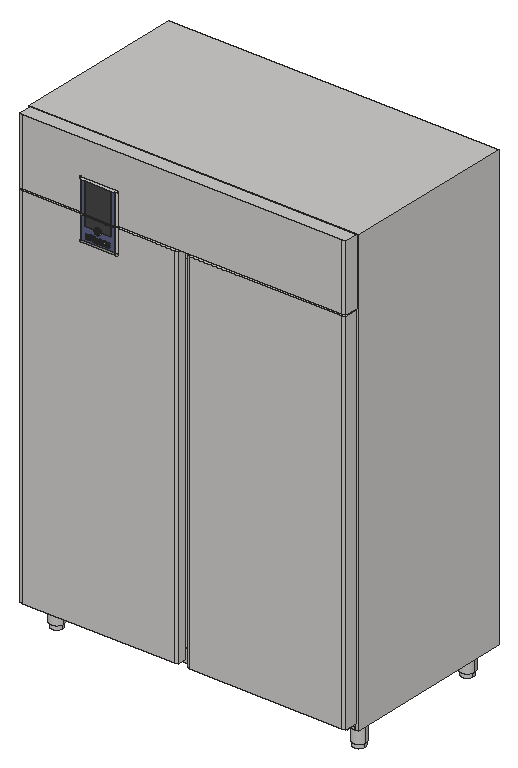
Revit family "QF_ELECTROLUXPROFESSIONAL_725242_ETE142FRRCO2", category Specialty Equipment, Revit 2018
Family settings
  Round Connector Dimension = Use Diameter
  Part Type = Normal
  Work Plane-Based = No
  Always vertical = Yes
  Cut with Voids When Loaded = No
  Shared = No
  Room Calculation Point = No
Parameters
  Width [instance] = 1441 mm
  Watts = 0 W
  Height [instance] = 2050 mm
  HP = "0.3 HP"
  Direct Waste Size = 0 mm
  Depth [instance] = 835 mm
Reference planes
  plane 1 "Center (Front/Back)": y = 0
  plane 2: z = 0
  plane 3 "Center (Left/Right)": x = 0
  plane 4 "BASE": z = 110
  plane 5 "TOP": z = 2050
  plane 6 "FRONT": y = -417.5
  plane 7 "BACK": y = 417.5
  plane 8 "LEFT": x = -720.5
  plane 9 "RIGHT": x = 720.5
  plane 10 "RO_Y": x = -245
  plane 11 "RO_X": y = -166.5
  plane 12 "RI_Y": x = -206
  plane 13 "RI_X": y = -187.5
  plane 14: z = 1802
Forms (mm)
  Extrusion 1, solid, material "QF_Finishes_Stainless Steel"
    sketch origin (0, 0, 0) x (1, 0, 0) y (0, 1, 0)
      loop
        circle (-643.5, 344.5) r 25
      loop
        circle (643.5, 344.5) r 25
      loop
        circle (-660.5, -269.5) r 25
      loop
        circle (660.5, -269.5) r 25
      loop
        circle (0, -121) r 25
    from 0 to 20
  Extrusion 2, solid, material "QF_Finishes_Stainless Steel"
    sketch origin (0, 0, 0) x (1, 0, 0) y (0, 1, 0)
      loop
        circle (-643.5, 344.5) r 30
      loop
        circle (643.5, 344.5) r 30
      loop
        circle (660.5, -269.5) r 30
      loop
        circle (-660.5, -269.5) r 30
      loop
        circle (0, -121) r 30
    from 20 to 110
  Extrusion 3, solid, material "QF_Finishes_Stainless Steel"
    sketch origin (0, 0, 110) x (-1, 0, 0) y (0, -1, 0)
      loop
        line (720.5, -417.5) -> (720.5, 345.5) -> (-720.5, 345.5) -> (-720.5, -417.5) -> (720.5, -417.5)
    from 0 to 1940
  Extrusion 4, solid
    sketch origin (0, 417.5, 1685) x (-1, 0, 0) y (0, 0, 1)
      loop
        circle (704.5, 124) r 10
    from 0 to 3.2
  Extrusion 5, solid, material "QF_Door-Drawer Clearances", detail levels coarse
    sketch origin (0, 0, 110) x (-1, 0, 0) y (0, -1, 0)
      loop
        line (-712.5, 409.5) -> (-648.5, 409.5) -> (-648.5, 1006.5) -> (-666.5, 1006.5) -> (-666.5, 1024.5) -> (-688.5, 1024.5) -> (-688.5, 1062.5) -> (-712.5, 1062.5) -> (-712.5, 409.5)
    from 1642.965 to 28
  Extrusion 6, solid, material "QF_Door-Drawer Clearances", detail levels coarse
    sketch origin (0, 0, 110) x (-1, 0, 0) y (0, -1, 0)
      loop
        line (-648.5, 409.5) -> (0, 409.5)
        arc (0, 409.5) -> (-211.9, 875.546) -> (-688.5, 1062.5) r 681.392
        line (-688.5, 1062.5) -> (-688.5, 1024.5) -> (-666.5, 1024.5) -> (-666.5, 1006.5) -> (-648.5, 1006.5) -> (-648.5, 409.5)
    from 1642.965 to 28
  Extrusion 7, solid, material "QF_Clearances", detail levels coarse
    sketch origin (0, 0, 110) x (-1, 0, 0) y (0, -1, 0)
      loop
        line (720.5, 417.5) -> (720.5, -417.5) -> (-720.5, -417.5) -> (-720.5, 417.5) -> (-740.5, 417.5) -> (-740.5, -447.5) -> (740.5, -447.5) -> (740.5, 417.5) -> (720.5, 417.5)
    from -110 to 1940
  Extrusion 8, solid, material "QF_Clearances", detail levels coarse
    sketch origin (0, 0, 2050) x (-1, 0, 0) y (0, -1, 0)
      loop
        line (740.5, -447.5) -> (740.5, 417.5) -> (-740.5, 417.5) -> (-740.5, -447.5) -> (740.5, -447.5)
    from 0 to 500
  Extrusion 9, void
    sketch origin (0, 417.5, 0) x (-1, 0, 0) y (0, 0, 1)
      loop
        line (645.5, 1724) -> (430, 1724) -> (430, 1695) -> (-430, 1695) -> (-430, 1724) -> (-645.5, 1724) -> (-645.5, 180) -> (-322.75, 170.906) -> (0, 180) -> (322.75, 170.906) -> (645.5, 180) -> (645.5, 1724)
    from -56 to -763
  Extrusion 10, solid, material "QF_Door-Drawer Clearances", detail levels coarse
    sketch origin (0, 0, 110) x (1, 0, 0) y (0, 1, 0)
      loop
        line (-712.5, -409.5) -> (-712.5, -1062.5) -> (-688.5, -1062.5) -> (-688.5, -1024.5) -> (-666.5, -1024.5) -> (-666.5, -1006.5) -> (-648.5, -1006.5) -> (-648.5, -409.5) -> (-712.5, -409.5)
    from 1642.965 to 28
  Extrusion 11, solid, material "QF_Door-Drawer Clearances", detail levels coarse
    sketch origin (0, 0, 110) x (1, 0, 0) y (0, 1, 0)
      loop
        line (-648.5, -409.5) -> (-648.5, -1006.5) -> (-666.5, -1006.5) -> (-666.5, -1024.5) -> (-688.5, -1024.5) -> (-688.5, -1062.5)
        arc (-688.5, -1062.5) -> (-211.9, -875.546) -> (0, -409.5) r 681.392
        line (0, -409.5) -> (-648.5, -409.5)
    from 1642.965 to 28
  Extrusion 12, solid, material "QF_Finishes_Stainless Steel"
    sketch origin (0, 417.5, 0) x (-1, 0, 0) y (0, 0, 1)
      loop
        line (40, 170.62) -> (40, 1695) -> (-40, 1695) -> (-40, 170.62) -> (0, 170) -> (40, 170.62)
    from -723 to -763
  Extrusion 13, solid, material "QF_Finishes_Stainless Steel"
    sketch origin (0, 0, 110) x (-1, 0, 0) y (0, -1, 0)
      loop
        circle (322.75, 254.5) r 7.938
      loop
        circle (-322.75, 254.5) r 7.938
    from 0 to -10
  Extrusion 14, solid, material "QF_Finishes_Stainless Steel"
    sketch origin (0, 0, 2050) x (-1, 0, 0) y (0, -1, 0)
      loop
        circle (245, 166.5) r 4.75
    from -29 to -137.696
  Extrusion 15, solid, material "QF_Finishes_Stainless Steel"
    sketch origin (0, 0, 0) x (0, 1, 0) y (0, 0, 1)
      loop
        circle (-187.5, 1855) r 3
    from -141.13 to -206
Cuts and joins
  joined: Extrusion 7, Extrusion 8
  Extrusion 9 cuts Extrusion 3
Lines and regions (mm)
  symbolic lines, style "SpecialityEquipmentHiddenLines"
    curve 1: line (712.5, -409.5, 110) -> (712.5, -1062.5, 110)
    curve 2: line (712.5, -1062.5, 110) -> (688.5, -1062.5, 110)
    curve 3: line (648.5, -409.5, 110) -> (648.5, -1006.5, 110)
    curve 4: line (688.5, -1062.5, 110) -> (688.5, -1024.5, 110)
    curve 5: line (688.5, -1024.5, 110) -> (666.5, -1024.5, 110)
    curve 6: line (666.5, -1024.5, 110) -> (666.5, -1006.5, 110)
    curve 7: line (666.5, -1006.5, 110) -> (648.5, -1006.5, 110)
    curve 13: arc (0, -409.5, 110) -> (211.9, -875.546, 110) -> (688.5, -1062.5, 110) r 681.392
    curve 14: line (-712.5, -1062.5, 110) -> (-688.5, -1062.5, 110)
    curve 15: line (-648.5, -409.5, 110) -> (-648.5, -1006.5, 110)
    curve 16: line (-688.5, -1062.5, 110) -> (-688.5, -1024.5, 110)
    curve 17: line (-688.5, -1024.5, 110) -> (-666.5, -1024.5, 110)
    curve 18: line (-666.5, -1024.5, 110) -> (-666.5, -1006.5, 110)
    curve 19: line (-666.5, -1006.5, 110) -> (-648.5, -1006.5, 110)
    curve 20: arc (0, -409.5, 110) -> (-211.9, -875.546, 110) -> (-688.5, -1062.5, 110) r 681.392
    curve 21: line (-712.5, -409.5, 110) -> (-712.5, -1062.5, 110)
  symbolic lines, style "QF_Clearances", detail levels coarse
    curve 8: line (-720.5, -417.5, 2050) -> (-740.5, -417.5, 2050)
    curve 9: line (-740.5, -417.5, 2050) -> (-740.5, 447.5, 2050)
    curve 10: line (-740.5, 447.5, 2050) -> (740.5, 447.5, 2050)
    curve 11: line (740.5, 447.5, 2050) -> (740.5, -417.5, 2050)
    curve 12: line (740.5, -417.5, 2050) -> (720.5, -417.5, 2050)
  symbolic lines
    curve 22: line (720.5, 417.5, 110) -> (-720.5, 417.5, 110)
    curve 23: line (720.5, -345.5, 110) -> (720.5, 417.5, 110)
    curve 24: line (-720.5, -345.5, 110) -> (720.5, -345.5, 110)
    curve 25: line (-720.5, 417.5, 110) -> (-720.5, -345.5, 110)
Dimensions and locks
  equal spacing: plane 7 "BACK", plane 1 "Center (Front/Back)", plane 6 "FRONT"
  equal spacing: plane 8 "LEFT", plane 3 "Center (Left/Right)", plane 9 "RIGHT"
  "Width": plane 8 "LEFT" to plane 9 "RIGHT"
  "Depth": plane 7 "BACK" to plane 6 "FRONT"
  "Height": plane 5 "TOP" to plane 2
  plane 8 "LEFT" to plane 10 "RO_Y" = 475.5 mm
  plane 7 "BACK" to plane 11 "RO_X" = 584 mm
  plane 7 "BACK" to plane 13 "RI_X" = 605 mm
  plane 5 "TOP" to plane 14 = 248 mm
  Extrusion 14 to plane 14 = 219 mm
  Extrusion 15 to plane 14 = 53 mm
  aligned and locked: level to plane 2
Automatic sketch dimensions
  curve 12 to plane 6 "FRONT" = 0 mm
  curve 12 to plane 9 "RIGHT" = 0 mm
  curve 8 to plane 6 "FRONT" = 0 mm
  curve 8 to plane 8 "LEFT" = 0 mm
  curve 10 to plane 9 "RIGHT" = 20 mm
  curve 8 to curve 9 = 20 mm
  plane 7 "BACK" to curve 10 = 30 mm
  Extrusion 1 sketch curve to plane 3 "Center (Left/Right)" = 0 mm
  plane 8 "LEFT" to Extrusion 1 sketch curve = 77 mm
  plane 8 "LEFT" to Extrusion 1 sketch curve = 60 mm
  plane 9 "RIGHT" to Extrusion 1 sketch curve = 77 mm
  plane 9 "RIGHT" to Extrusion 1 sketch curve = 60 mm
  plane 6 "FRONT" to Extrusion 1 sketch curve = 148 mm  (x2)
  plane 1 "Center (Front/Back)" to Extrusion 1 sketch curve = 121 mm
  Extrusion 1 sketch curve to plane 7 "BACK" = 73 mm  (x2)
  Extrusion 2 sketch curve to plane 3 "Center (Left/Right)" = 0 mm
  plane 8 "LEFT" to Extrusion 2 sketch curve = 77 mm
  plane 8 "LEFT" to Extrusion 2 sketch curve = 60 mm
  plane 9 "RIGHT" to Extrusion 2 sketch curve = 77 mm
  plane 9 "RIGHT" to Extrusion 2 sketch curve = 60 mm
  plane 6 "FRONT" to Extrusion 2 sketch curve = 148 mm  (x2)
  plane 1 "Center (Front/Back)" to Extrusion 2 sketch curve = 121 mm
  Extrusion 2 sketch curve to plane 7 "BACK" = 73 mm  (x2)
  Extrusion 3 sketch curve to plane 7 "BACK" = 0 mm
  Extrusion 3 sketch curve to plane 9 "RIGHT" = 0 mm
  Extrusion 3 sketch curve to plane 8 "LEFT" = 0 mm
  plane 6 "FRONT" to Extrusion 3 sketch curve = 72 mm
  plane 8 "LEFT" to Extrusion 4 sketch curve = 16 mm
  Extrusion 4 sketch curve to plane 5 "TOP" = 241 mm
  plane 9 "RIGHT" to Extrusion 5 sketch curve = 8 mm
  plane 9 "RIGHT" to Extrusion 5 sketch curve = 32 mm
  Extrusion 5 sketch curve to Extrusion 5 sketch curve = 22 mm
  plane 6 "FRONT" to Extrusion 5 sketch curve = 8 mm
  Extrusion 5 sketch curve to Extrusion 5 sketch curve = 64 mm
  Extrusion 5 sketch curve to plane 6 "FRONT" = 589 mm
  Extrusion 5 sketch curve to Extrusion 5 sketch curve = 18 mm
  Extrusion 5 sketch curve to Extrusion 5 sketch curve = 38 mm
  Extrusion 6 sketch curve to plane 3 "Center (Left/Right)" = 0 mm
  plane 9 "RIGHT" to Extrusion 6 sketch curve = 72 mm
  Extrusion 6 sketch curve to Extrusion 6 sketch curve = 18 mm  (x2)
  plane 9 "RIGHT" to Extrusion 6 sketch curve = 39.698 mm
  Extrusion 6 sketch curve to Extrusion 6 sketch curve = 22 mm
  plane 6 "FRONT" to Extrusion 6 sketch curve = 36.349 mm
  plane 6 "FRONT" to Extrusion 6 sketch curve = 8 mm
  Extrusion 6 sketch curve to Extrusion 6 sketch curve = 56 mm
  Extrusion 7 sketch curve to plane 6 "FRONT" = 0 mm  (x2)
  Extrusion 7 sketch curve to plane 7 "BACK" = 0 mm
  Extrusion 7 sketch curve to plane 9 "RIGHT" = 0 mm
  Extrusion 7 sketch curve to plane 8 "LEFT" = 0 mm
  Extrusion 7 sketch curve to plane 9 "RIGHT" = 20 mm
  Extrusion 7 sketch curve to Extrusion 7 sketch curve = 20 mm
  plane 7 "BACK" to Extrusion 7 sketch curve = 30 mm
  Extrusion 8 sketch curve to plane 6 "FRONT" = 0 mm
  Extrusion 8 sketch curve to plane 9 "RIGHT" = 20 mm
  Extrusion 8 sketch curve to plane 8 "LEFT" = 20 mm
  plane 7 "BACK" to Extrusion 8 sketch curve = 30 mm
  Extrusion 10 sketch curve to plane 8 "LEFT" = 8 mm
  Extrusion 10 sketch curve to plane 8 "LEFT" = 32 mm
  Extrusion 10 sketch curve to Extrusion 10 sketch curve = 22 mm
  Extrusion 10 sketch curve to plane 6 "FRONT" = 8 mm
  Extrusion 10 sketch curve to Extrusion 10 sketch curve = 64 mm
  plane 6 "FRONT" to Extrusion 10 sketch curve = 589 mm
  Extrusion 10 sketch curve to Extrusion 10 sketch curve = 18 mm
  Extrusion 10 sketch curve to Extrusion 10 sketch curve = 38 mm
  Extrusion 11 sketch curve to plane 3 "Center (Left/Right)" = 0 mm
  Extrusion 11 sketch curve to plane 8 "LEFT" = 72 mm
  Extrusion 11 sketch curve to Extrusion 11 sketch curve = 18 mm  (x2)
  Extrusion 11 sketch curve to plane 8 "LEFT" = 39.698 mm
  Extrusion 11 sketch curve to Extrusion 11 sketch curve = 22 mm
  Extrusion 11 sketch curve to plane 6 "FRONT" = 36.349 mm
  Extrusion 11 sketch curve to plane 6 "FRONT" = 8 mm
  Extrusion 11 sketch curve to Extrusion 11 sketch curve = 56 mm
  Extrusion 12 sketch curve to plane 3 "Center (Left/Right)" = 0 mm
  plane 3 "Center (Left/Right)" to Extrusion 12 sketch curve = 40 mm
  Extrusion 12 sketch curve to plane 3 "Center (Left/Right)" = 40 mm
  plane 4 "BASE" to Extrusion 12 sketch curve = 60 mm
  Extrusion 12 sketch curve to Extrusion 12 sketch curve = 0.62 mm  (x2)
  Extrusion 12 sketch curve to Extrusion 12 sketch curve = 1524.38 mm
  Extrusion 9 sketch curve to plane 3 "Center (Left/Right)" = 0 mm
  plane 4 "BASE" to Extrusion 9 sketch curve = 60.906 mm  (x2)
  plane 3 "Center (Left/Right)" to Extrusion 9 sketch curve = 322.75 mm
  plane 9 "RIGHT" to Extrusion 9 sketch curve = 290.5 mm
  plane 9 "RIGHT" to Extrusion 9 sketch curve = 75 mm
  Extrusion 9 sketch curve to plane 3 "Center (Left/Right)" = 322.75 mm
  plane 8 "LEFT" to Extrusion 9 sketch curve = 290.5 mm
  plane 8 "LEFT" to Extrusion 9 sketch curve = 75 mm
  plane 4 "BASE" to Extrusion 9 sketch curve = 70 mm  (x3)
  Extrusion 9 sketch curve to plane 5 "TOP" = 355 mm
  Extrusion 9 sketch curve to Extrusion 9 sketch curve = 29 mm  (x2)
  plane 3 "Center (Left/Right)" to Extrusion 13 sketch curve = 322.75 mm
  Extrusion 13 sketch curve to plane 3 "Center (Left/Right)" = 322.75 mm
  plane 6 "FRONT" to Extrusion 13 sketch curve = 163 mm  (x2)
  Extrusion 14 sketch curve to plane 10 "RO_Y" = 0 mm
  Extrusion 14 sketch curve to plane 11 "RO_X" = 0 mm
  Extrusion 15 sketch curve to plane 13 "RI_X" = 0 mm
  plane 14 to Extrusion 15 sketch curve = 53 mm
  curve 24 to plane 9 "RIGHT" = 0 mm
  curve 13 to plane 3 "Center (Left/Right)" = 0 mm
  curve 24 to plane 8 "LEFT" = 0 mm
  curve 25 to plane 7 "BACK" = 0 mm
  plane 9 "RIGHT" to curve 1 = 8 mm
  plane 9 "RIGHT" to curve 4 = 32 mm
  plane 9 "RIGHT" to curve 13 = 39.698 mm
  curve 4 to curve 6 = 22 mm
  curve 6 to curve 7 = 18 mm
  plane 8 "LEFT" to curve 15 = 72 mm
  curve 15 to curve 18 = 18 mm
  plane 8 "LEFT" to curve 20 = 39.698 mm
  plane 8 "LEFT" to curve 14 = 32 mm
  plane 8 "LEFT" to curve 21 = 8 mm
  plane 6 "FRONT" to curve 24 = 72 mm
  plane 6 "FRONT" to curve 20 = 36.349 mm
  plane 6 "FRONT" to curve 13 = 36.349 mm
  curve 6 to plane 6 "FRONT" = 589 mm
  curve 19 to plane 6 "FRONT" = 589 mm
  curve 18 to curve 17 = 18 mm
  curve 6 to curve 4 = 18 mm
  curve 16 to curve 21 = 38 mm
  plane 6 "FRONT" to curve 1 = 8 mm
  plane 6 "FRONT" to curve 15 = 8 mm
  plane 6 "FRONT" to curve 21 = 8 mm
  plane 6 "FRONT" to curve 3 = 8 mm
  radius of Extrusion 1 sketch curve = 25 mm  (x5)
  radius of Extrusion 2 sketch curve = 30 mm  (x5)
  radius of Extrusion 4 sketch curve = 10 mm
  radius of Extrusion 13 sketch curve = 7.938 mm  (x2)
  radius of Extrusion 14 sketch curve = 4.75 mm
  radius of Extrusion 15 sketch curve = 3 mm
Nested families
  nested 1: "QF_725242_Door" at (0, -345.5, 968.365) x (1, 0, 0) z (0, -1, 0), type "QF_725242_Door"
    with Show Clearance yes
  nested 2: "Freezer" at (720.5, -417.5, 110), type "Freezer"
Connectors
  electrical at (-704.5, 420.7, 1809)
    settings: on Extrusion 4, index 2, voltage 0 V, apparent load 0 VA, apparent load phase1 0 VA, apparent load phase2 0 VA, apparent load phase3 0 VA, power factor 1, load classification "Other", number of poles 1, system type 30, power factor state 1, is connector primary yes, connector utility no, sub classification motor no, connector description "Electrical Connection"
  piping at (322.75, -254.5, 100), diameter 15.875
    settings: on Extrusion 13, index 3, connector inside diameter 609.6 mm, connector length 0 mm, flow factor 0, pipe flow 0.0 L/s, pressure drop 0.0 Pa, fitting loss kfactor 0, connector angle 0.00°, fixture units 0, engagement length 0 mm, angle of deflection 0.00°, flow configuration 1, flow direction 2, fitting loss method 0, system type 16, joint type 0, gender type 0, connector reference index -1, connector utility 0, adjustable connector no, is connector primary yes, connector description "Drain"
  piping at (-322.75, -254.5, 100), diameter 15.875
    settings: on Extrusion 13, index 4, connector inside diameter 609.6 mm, connector length 0 mm, flow factor 0, pipe flow 0.0 L/s, pressure drop 0.0 Pa, fitting loss kfactor 0, connector angle 0.00°, fixture units 0, engagement length 0 mm, angle of deflection 0.00°, flow configuration 1, flow direction 2, fitting loss method 0, system type 16, joint type 0, gender type 0, connector reference index -1, connector utility 0, adjustable connector no, is connector primary no, connector description "Drain"
  piping at (-245, -166.5, 2021), diameter 9.5
    settings: on Extrusion 14, index 5, connector inside diameter 609.6 mm, connector length 0 mm, flow factor 0, pipe flow 0.0 L/s, pressure drop 0.0 Pa, fitting loss kfactor 0, connector angle 0.00°, fixture units 0, engagement length 0 mm, angle of deflection 0.00°, flow configuration 1, flow direction 2, fitting loss method 0, system type 8, joint type 0, gender type 0, connector reference index -1, connector utility 0, adjustable connector no, is connector primary no, connector description "Refrigerant Outlet"
  piping at (-206, -187.5, 1855), diameter 6
    settings: on Extrusion 15, index 6, connector inside diameter 609.6 mm, connector length 0 mm, flow factor 0, pipe flow 0.0 L/s, pressure drop 0.0 Pa, fitting loss kfactor 0, connector angle 0.00°, fixture units 0, engagement length 0 mm, angle of deflection 0.00°, flow configuration 1, flow direction 1, fitting loss method 0, system type 7, joint type 0, gender type 0, connector reference index -1, connector utility 0, adjustable connector no, is connector primary no, connector description "Refrigerant Inlet"
Definition of nested family "QF_725242_Door"
  Parameters
    Show Clearance [instance] = yes
    Model = "725238"
    Default Elevation = 0 mm
  Reference planes
    plane 1 "Center (Front/Back)": y = 0
    plane 2: z = 0
    plane 3 "Center (Left/Right)": x = 0
    plane 4 "panel": z = 64
  Forms (mm)
    Extrusion 1, solid
      sketch origin (0, -919.2, 0) x (1, 0, 0) y (0, 1, 0)
        loop
          line (-980.5, 2119.2) -> (-980.5, -162.846) -> (881.94, -162.846) -> (881.94, 2119.2) -> (-980.5, 2119.2)
      from 0 to -59.546
    Extrusion 2, solid
      sketch origin (365.5, 0, 0) x (1, 0, 0) y (0, 0, 1)
        loop
          line (-347, 26) -> (-325, 26) -> (-325, 8) -> (-307, 8) -> (-307, 0) -> (339, 0) -> (339, 8) -> (347, 8) -> (347, 60) -> (332, 64) -> (-332, 64) -> (-347, 60) -> (-347, 26)
      from -784.6 to 830.4
    Extrusion 3, solid
      sketch origin (484.5, -516.365, 0) x (0, 1, 0) y (0, 0, 1)
        loop
          line (-323.003, 40.312) -> (-316.501, 40.312) -> (-316.501, 42.812) -> (-325.503, 42.812) -> (-325.503, 2.5) -> (-342, 2.5) -> (-342, 0) -> (-323.003, 0) -> (-323.003, 12.259) -> (-323.003, 40.312)
        loop
          line (-314, 38.311) -> (-316.501, 38.311) -> (-316.501, 14.304) -> (-319.752, 14.304) -> (-319.752, 11.804) -> (-314, 11.804) -> (-314, 38.311)
      from 185 to 220
    Extrusion 4, solid
      sketch origin (484.5, 469.597, 0) x (0, 1, 0) y (0, 0, 1)
        loop
          line (315.003, 27.948) -> (315.003, 2.948) -> (315.003, 0) -> (322.003, 0) -> (322.003, 2.5) -> (317.503, 2.5) -> (317.503, 27.948) -> (315.003, 27.948)
      from 185 to 220
    Extrusion 5, solid
      sketch origin (-365.5, 0, 0) x (-1, 0, 0) y (0, 0, -1)
        loop
          line (-1078, -60) -> (-1063, -64) -> (332, -64) -> (347, -60) -> (347, 0) -> (-1078, 0) -> (-1078, -60)
      from -1081.6 to -791.6
    Extrusion 6, solid
      sketch origin (-365.5, 0, 0) x (-1, 0, 0) y (0, 0, -1)
        loop
          line (-347, -26) -> (-347, -60) -> (-332, -64) -> (332, -64) -> (347, -60) -> (347, -8) -> (339, -8) -> (339, 0) -> (-307, 0) -> (-307, -8) -> (-325, -8) -> (-325, -26) -> (-347, -26)
      from -784.6 to 830.4
    Extrusion 7, solid
      sketch origin (-484.5, -516.365, 0) x (0, 1, 0) y (0, 0, -1)
        loop
          line (-323.003, -40.312) -> (-323.003, -12.259) -> (-323.003, 0) -> (-342, 0) -> (-342, -2.5) -> (-325.503, -2.5) -> (-325.503, -42.812) -> (-316.501, -42.812) -> (-316.501, -40.312) -> (-323.003, -40.312)
        loop
          line (-314, -38.311) -> (-314, -11.804) -> (-319.752, -11.804) -> (-319.752, -14.304) -> (-316.501, -14.304) -> (-316.501, -38.311) -> (-314, -38.311)
      from 185 to 220
    Extrusion 8, solid
      sketch origin (-484.5, 469.597, 0) x (0, 1, 0) y (0, 0, -1)
        loop
          line (315.003, -27.948) -> (317.503, -27.948) -> (317.503, -2.5) -> (322.003, -2.5) -> (322.003, 0) -> (315.003, 0) -> (315.003, -2.948) -> (315.003, -27.948)
      from 185 to 220
  Lines and regions (mm)
    symbolic lines
      curve 1: line (-697.5, 0, 64) -> (697.5, 0, 64)
      curve 2: line (712.5, 0, 0) -> (-712.5, 0, 0)
      curve 3: line (712.5, 0, 60) -> (712.5, 0, 0)
      curve 4: line (704.5, 0, 8) -> (712.5, 0, 8)
      curve 5: line (704.5, 0, 8) -> (704.5, 0, 0)
      curve 6: line (-376.111, 0, 72) -> (-356.111, 0, 72)
      curve 7: line (-376.111, 0, 66) -> (-376.111, 0, 72)
      curve 8: line (-356.111, 0, 72) -> (-356.111, 0, 66)
      curve 9: line (-380.111, 0, 66) -> (-352.111, 0, 66)
      curve 10: line (-380.111, 0, 64) -> (-380.111, 0, 66)
      curve 11: line (-352.111, 0, 66) -> (-352.111, 0, 64)
      curve 12: line (-712.5, 0, 60) -> (-712.5, 0, 0)
      curve 13: line (-704.5, 0, 8) -> (-712.5, 0, 8)
      curve 14: line (-704.5, 0, 8) -> (-704.5, 0, 0)
      curve 15: line (-712.5, 0, 60) -> (-697.5, 0, 64)
      curve 16: line (712.5, 0, 60) -> (697.5, 0, 64)
  Dimensions and locks
    aligned and locked: plane 2 to Extrusion 1
    aligned and locked: level to Extrusion 1
  Nested families
    nested 1: "QF_DisplayPremiumCabinets" at (-365.5, 803.6, 64), type "QF_DisplayPremiumCabinets"
      with Show Clearance yes
  Definition of nested family "QF_DisplayPremiumCabinets"
    Parameters
      Show Clearance [instance] = yes
      Model = "728658"
      Default Elevation = 1219.2 mm
    Reference planes
      plane 1 "Center (Front/Back)": y = 0
      plane 2: z = 0
      plane 3 "Center (Left/Right)": x = 0
    Forms (mm)
      Extrusion 1, solid
        sketch origin (0, -919.2, 0) x (1, 0, 0) y (0, 1, 0)
          loop
            line (-980.5, 2119.2) -> (-980.5, -162.846) -> (881.94, -162.846) -> (881.94, 2119.2) -> (-980.5, 2119.2)
        from 0 to -59.546
      Extrusion 2, solid
        sketch origin (-0.611, 0, 0) x (1, 0, 0) y (0, 1, 0)
          loop
            circle (0.611, -59) r 14
        from 5 to 7
      Extrusion 3, solid
        sketch origin (364.889, -803.635, 0) x (1, 0, 0) y (0, 1, 0)
          loop
            circle (-364.889, 744.635) r 10
          loop
            circle (-364.889, 744.635) r 9
        from 5 to 8
      Extrusion 4, solid
        sketch origin (364.889, -803.635, 0) x (1, 0, 0) y (0, 1, 0)
          loop
            circle (-364.889, 744.635) r 8.7
        from 5 to 8
      Extrusion 5, void
        sketch origin (-744.647, -424.488, 0) x (0, -1, 0) y (1, 0, 0)
          loop
            line (-372.339, 745.885) -> (-372.339, 743.385) -> (-362.339, 743.385) -> (-362.339, 745.885) -> (-372.339, 745.885)
        from 8.592 to 6.269
      Extrusion 6, solid
        sketch origin (365.5, -803.635, 0) x (1, 0, 0) y (0, 1, 0)
          loop
            line (-380.472, 718.596) -> (-387.909, 718.596) -> (-387.909, 709.937)
            arc (-387.909, 709.937) -> (-386.93, 707.574) -> (-384.567, 706.595) r 3.341
            line (-384.567, 706.595) -> (-380.329, 706.595) -> (-380.329, 708.538) -> (-384.084, 708.538)
            arc (-384.084, 708.538) -> (-385.317, 708.955) -> (-385.843, 710.147) r 1.615
            line (-385.843, 710.147) -> (-385.843, 711.864) -> (-380.794, 711.864) -> (-380.794, 713.813) -> (-385.843, 713.813) -> (-385.843, 716.652) -> (-380.472, 716.652) -> (-380.472, 718.596)
          loop
            line (-378.861, 718.596) -> (-378.861, 706.595) -> (-376.794, 706.595) -> (-376.794, 718.596) -> (-378.861, 718.596)
          loop
            line (-333.968, 718.596) -> (-333.968, 706.595) -> (-331.9, 706.595) -> (-331.9, 718.596) -> (-333.968, 718.596)
          loop
            line (-373.376, 710.427) -> (-366.593, 710.427)
            arc (-366.593, 710.427) -> (-367.654, 714.154) -> (-371.282, 715.512) r 4.298
            arc (-371.282, 715.512) -> (-374.477, 713.892) -> (-375.389, 710.427) r 4.373
            arc (-375.389, 710.427) -> (-374.189, 707.53) -> (-371.292, 706.33) r 4.097
            arc (-371.292, 706.33) -> (-369.037, 706.663) -> (-367.147, 707.936) r 5.15
            line (-367.147, 707.936) -> (-368.371, 709.16)
            arc (-368.371, 709.16) -> (-369.978, 708.196) -> (-371.846, 708.358) r 3.039
            arc (-371.846, 708.358) -> (-372.985, 709.116) -> (-373.376, 710.427) r 2.013
          loop
            line (-373.324, 711.881) -> (-368.669, 711.881)
            arc (-368.669, 711.881) -> (-369.323, 713.255) -> (-370.758, 713.761) r 1.983
            arc (-370.758, 713.761) -> (-372.414, 713.33) -> (-373.324, 711.881) r 2.321
          loop
            line (-358.536, 712.746) -> (-357.238, 714.044)
            arc (-357.238, 714.044) -> (-358.865, 715.222) -> (-360.843, 715.574) r 4.497
            arc (-360.843, 715.574) -> (-363.86, 714.472) -> (-365.443, 711.677) r 4.652
            arc (-365.443, 711.677) -> (-362.774, 706.778) -> (-357.311, 707.907) r 4.684
            line (-357.311, 707.907) -> (-358.602, 709.198)
            arc (-358.602, 709.198) -> (-361.388, 708.276) -> (-363.383, 710.427) r 2.714
            arc (-363.383, 710.427) -> (-363.244, 712.128) -> (-362.073, 713.37) r 2.578
            arc (-362.073, 713.37) -> (-360.199, 713.656) -> (-358.536, 712.746) r 2.961
          loop
            line (-355.968, 718.596) -> (-355.968, 710.395)
            arc (-355.968, 710.395) -> (-355.789, 709.165) -> (-355.329, 708.01) r 5.301
            arc (-355.329, 708.01) -> (-353.854, 706.837) -> (-351.985, 706.59) r 3.531
            line (-351.985, 706.59) -> (-351.985, 708.527)
            arc (-351.985, 708.527) -> (-352.541, 708.569) -> (-353.059, 708.774) r 1.862
            arc (-353.059, 708.774) -> (-353.723, 709.477) -> (-353.901, 710.427) r 1.713
            line (-353.901, 710.427) -> (-353.901, 713.397) -> (-352.024, 713.397) -> (-352.024, 715.275) -> (-353.901, 715.275) -> (-353.901, 718.596) -> (-355.968, 718.596)
          loop
            arc (-348.234, 711.158) -> (-348.087, 712.023) -> (-347.66, 712.79) r 2.607
            arc (-347.66, 712.79) -> (-346.422, 713.426) -> (-345.031, 713.397) r 2.84
            line (-345.031, 713.397) -> (-345.031, 715.383)
            arc (-345.031, 715.383) -> (-346.848, 715.212) -> (-348.234, 714.023) r 3.016
            line (-348.234, 714.023) -> (-348.234, 715.275) -> (-350.285, 715.275) -> (-350.285, 706.595) -> (-348.234, 706.595) -> (-348.234, 711.158)
          loop
            circle (-339.976, 710.933) r 4.599
          loop
            circle (-339.976, 710.933) r 2.787
          loop
            arc (-324.445, 710.21) -> (-324.956, 708.807) -> (-326.34, 708.247) r 1.835
            arc (-326.34, 708.247) -> (-327.725, 708.807) -> (-328.235, 710.21) r 1.835
            line (-328.235, 710.21) -> (-328.235, 715.274) -> (-330.32, 715.274) -> (-330.32, 710.038)
            arc (-330.32, 710.038) -> (-329.133, 707.334) -> (-326.34, 706.376) r 3.675
            arc (-326.34, 706.376) -> (-323.516, 707.363) -> (-322.362, 710.123) r 3.675
            line (-322.362, 710.123) -> (-322.362, 715.274) -> (-324.445, 715.274) -> (-324.445, 710.21)
          loop
            line (-321.112, 715.274) -> (-318.111, 711.199) -> (-321.409, 706.592) -> (-319.186, 706.592) -> (-316.998, 709.65) -> (-314.777, 706.592) -> (-312.569, 706.592) -> (-315.82, 711.246) -> (-312.847, 715.274) -> (-315.103, 715.274) -> (-317.005, 712.698) -> (-318.877, 715.274) -> (-321.112, 715.274)
          loop
            line (-386.746, 701.621) -> (-388.394, 701.621) -> (-388.394, 697.47) -> (-387.492, 697.47) -> (-387.492, 698.9) -> (-386.495, 698.9)
            arc (-386.495, 698.9) -> (-385.38, 700.375) -> (-386.746, 701.621) r 1.372
          loop
            arc (-386.535, 699.715) -> (-386.193, 700.249) -> (-386.535, 700.782) r 0.587
            line (-386.535, 700.782) -> (-387.492, 700.782) -> (-387.492, 699.715) -> (-386.535, 699.715)
          loop
            line (-380.234, 701.621) -> (-381.911, 701.621) -> (-381.911, 697.47) -> (-381.009, 697.47) -> (-381.009, 698.9) -> (-380.136, 698.9) -> (-379.539, 697.47) -> (-378.571, 697.47) -> (-379.387, 699.22)
            arc (-379.387, 699.22) -> (-378.996, 699.688) -> (-378.865, 700.283) r 1.281
            arc (-378.865, 700.283) -> (-379.277, 701.231) -> (-380.234, 701.621) r 1.37
          loop
            line (-381.009, 700.782) -> (-381.009, 699.715) -> (-380.051, 699.715)
            arc (-380.051, 699.715) -> (-379.71, 700.249) -> (-380.051, 700.782) r 0.587
            line (-380.051, 700.782) -> (-381.009, 700.782)
          loop
            circle (-373.272, 699.545) r 2.156
          loop
            circle (-373.272, 699.545) r 1.368
          loop
            line (-367.574, 701.62) -> (-367.574, 697.47) -> (-366.694, 697.47) -> (-366.694, 698.921) -> (-365.132, 698.921) -> (-365.132, 699.851) -> (-366.694, 699.851) -> (-366.694, 700.726) -> (-364.982, 700.726) -> (-364.982, 701.62) -> (-367.574, 701.62)
          loop
            line (-361.482, 701.62) -> (-361.482, 698.818)
            arc (-361.482, 698.818) -> (-361.1, 697.869) -> (-360.155, 697.474) r 1.327
            line (-360.155, 697.474) -> (-358.815, 697.474) -> (-358.815, 698.258) -> (-360.075, 698.258)
            arc (-360.075, 698.258) -> (-360.538, 698.641) -> (-360.629, 699.236) r 0.845
            line (-360.629, 699.236) -> (-358.971, 699.236) -> (-358.971, 700.02) -> (-360.629, 700.02) -> (-360.629, 700.837) -> (-358.856, 700.837) -> (-358.856, 701.62) -> (-361.482, 701.62)
          loop
            arc (-346.454, 701.095) -> (-347.003, 701.546) -> (-347.7, 701.689) r 1.485
            arc (-347.7, 701.689) -> (-348.343, 701.532) -> (-348.871, 701.133) r 1.645
            arc (-348.871, 701.133) -> (-348.969, 700.191) -> (-348.361, 699.464) r 1.217
            arc (-348.361, 699.464) -> (-347.85, 699.293) -> (-347.365, 699.059) r 4.201
            arc (-347.365, 699.059) -> (-347.058, 698.698) -> (-347.27, 698.274) r 0.43
            arc (-347.27, 698.274) -> (-347.662, 698.182) -> (-348.052, 698.281) r 0.846
            arc (-348.052, 698.281) -> (-348.389, 698.524) -> (-348.596, 698.885) r 0.983
            line (-348.596, 698.885) -> (-349.322, 698.546)
            arc (-349.322, 698.546) -> (-349.06, 698.042) -> (-348.639, 697.661) r 1.595
            arc (-348.639, 697.661) -> (-348.161, 697.457) -> (-347.644, 697.405) r 1.719
            arc (-347.644, 697.405) -> (-347.004, 697.532) -> (-346.428, 697.838) r 2.246
            arc (-346.428, 697.838) -> (-346.174, 698.515) -> (-346.305, 699.225) r 1.349
            arc (-346.305, 699.225) -> (-346.589, 699.553) -> (-346.952, 699.79) r 1.564
            arc (-346.952, 699.79) -> (-347.411, 699.994) -> (-347.881, 700.171) r 8.236
            arc (-347.881, 700.171) -> (-348.153, 700.593) -> (-347.76, 700.907) r 0.375
            arc (-347.76, 700.907) -> (-347.29, 700.794) -> (-346.928, 700.472) r 0.998
            line (-346.928, 700.472) -> (-346.454, 701.095)
          loop
            line (-342.646, 701.62) -> (-342.646, 697.474) -> (-341.794, 697.474) -> (-341.794, 701.62) -> (-342.646, 701.62)
          loop
            circle (-336.044, 699.547) r 1.29
          loop
            circle (-336.044, 699.547) r 2.154
          loop
            line (-330.323, 697.474) -> (-329.462, 697.474) -> (-329.462, 700.081) -> (-327.564, 697.474) -> (-326.736, 697.474) -> (-326.736, 701.62) -> (-327.597, 701.62) -> (-327.597, 698.934) -> (-329.494, 701.62) -> (-330.323, 701.62) -> (-330.323, 697.474)
          loop
            line (-322.436, 697.474) -> (-322.032, 698.368) -> (-320.498, 698.368) -> (-320.094, 697.474) -> (-319.178, 697.474) -> (-320.929, 701.62) -> (-321.729, 701.62) -> (-323.352, 697.474) -> (-322.436, 697.474)
          loop
            line (-320.881, 699.219) -> (-321.292, 700.13) -> (-321.691, 699.219) -> (-320.881, 699.219)
          loop
            line (-314.942, 698.258) -> (-314.942, 701.62) -> (-315.795, 701.62) -> (-315.795, 697.474) -> (-313.347, 697.474) -> (-313.347, 698.258) -> (-314.942, 698.258)
          loop
            arc (-352.671, 701.095) -> (-353.221, 701.546) -> (-353.917, 701.689) r 1.485
            arc (-353.917, 701.689) -> (-354.56, 701.532) -> (-355.089, 701.133) r 1.645
            arc (-355.089, 701.133) -> (-355.186, 700.191) -> (-354.579, 699.464) r 1.217
            arc (-354.579, 699.464) -> (-354.067, 699.293) -> (-353.582, 699.059) r 4.201
            arc (-353.582, 699.059) -> (-353.276, 698.698) -> (-353.487, 698.274) r 0.43
            arc (-353.487, 698.274) -> (-353.879, 698.182) -> (-354.269, 698.281) r 0.846
            arc (-354.269, 698.281) -> (-354.607, 698.524) -> (-354.813, 698.885) r 0.983
            line (-354.813, 698.885) -> (-355.539, 698.546)
            arc (-355.539, 698.546) -> (-355.278, 698.042) -> (-354.856, 697.661) r 1.595
            arc (-354.856, 697.661) -> (-354.378, 697.457) -> (-353.861, 697.405) r 1.719
            arc (-353.861, 697.405) -> (-353.222, 697.532) -> (-352.646, 697.838) r 2.246
            arc (-352.646, 697.838) -> (-352.391, 698.515) -> (-352.523, 699.225) r 1.349
            arc (-352.523, 699.225) -> (-352.806, 699.553) -> (-353.169, 699.79) r 1.564
            arc (-353.169, 699.79) -> (-353.628, 699.994) -> (-354.099, 700.171) r 8.236
            arc (-354.099, 700.171) -> (-354.37, 700.593) -> (-353.978, 700.907) r 0.375
            arc (-353.978, 700.907) -> (-353.507, 700.794) -> (-353.145, 700.472) r 0.998
            line (-353.145, 700.472) -> (-352.671, 701.095)
          loop
            line (-402.895, 718.39) -> (-402.895, 698.596)
            arc (-402.895, 698.596) -> (-395.578, 708.493) -> (-402.895, 718.39) r 10.352
          loop
            arc (-403.902, 718.39) -> (-412.134, 716.519) -> (-416.1, 709.067) r 10.145
            line (-416.1, 709.067) -> (-412.825, 709.067)
            arc (-412.825, 709.067) -> (-406.975, 711.441) -> (-403.902, 716.957) r 9.509
            line (-403.902, 716.957) -> (-403.902, 718.39)
          loop
            arc (-403.902, 700.029) -> (-406.975, 705.544) -> (-412.825, 707.919) r 9.509
            line (-412.825, 707.919) -> (-416.1, 707.919)
            arc (-416.1, 707.919) -> (-412.141, 700.405) -> (-403.902, 698.341) r 10.411
            line (-403.902, 698.341) -> (-403.902, 700.029)
          loop
            line (-416.852, 719.47) -> (-416.852, 697.47) -> (-394.822, 697.47) -> (-394.822, 719.47) -> (-416.852, 719.47)
        from 3 to 5.5
      Blend 7, solid
        base sketch origin (365.5, -803.635, 0) x (1, 0, 0) y (0, 1, 0)
          loop
            line (-439.797, 784.635) -> (-439.797, 685.635) -> (-291.203, 685.635) -> (-291.203, 784.635) -> (-439.797, 784.635)
        top sketch origin (365.5, -803.635, 0) x (1, 0, 0) y (0, 1, 0)
          loop
            line (-449.797, 784.635) -> (-449.797, 683.635)
            arc (-449.797, 683.635) -> (-447.454, 677.978) -> (-441.797, 675.635) r 8
            line (-441.797, 675.635) -> (-289.203, 675.635)
            arc (-289.203, 675.635) -> (-283.546, 677.978) -> (-281.203, 683.635) r 8
            line (-281.203, 683.635) -> (-281.203, 784.635) -> (-449.797, 784.635)
        from 5 to 0
      Blend 8, solid
        base sketch origin (365.5, -803.635, 0) x (1, 0, 0) y (0, 1, 0)
          loop
            line (-439.797, 791.635) -> (-291.203, 791.635) -> (-291.203, 921.635) -> (-439.797, 921.635) -> (-439.797, 791.635)
        top sketch origin (365.5, -803.635, 0) x (1, 0, 0) y (0, 1, 0)
          loop
            line (-281.203, 791.635) -> (-281.203, 923.635)
            arc (-281.203, 923.635) -> (-283.546, 929.291) -> (-289.203, 931.635) r 8
            line (-289.203, 931.635) -> (-441.797, 931.635)
            arc (-441.797, 931.635) -> (-447.454, 929.291) -> (-449.797, 923.635) r 8
            line (-449.797, 923.635) -> (-449.797, 791.635) -> (-281.203, 791.635)
        from 5 to 0
      Extrusion 9, solid
        sketch origin (-744.647, -424.488, 0) x (0, -1, 0) y (1, 0, 0)
          loop
            line (-372.339, 745.885) -> (-372.339, 743.385) -> (-362.339, 743.385) -> (-362.339, 745.885) -> (-372.339, 745.885)
        from 6 to 8
      Extrusion 10, solid
        sketch origin (0, 0, 0) x (1, 0, 0) y (0, 1, 0)
          loop
            line (-74.297, 118) -> (-74.297, -12) -> (-58.5, -12) -> (-58.5, 118) -> (-74.297, 118)
          loop
            line (74.297, -12) -> (74.297, 118) -> (58.5, 118) -> (58.5, -12) -> (74.297, -12)
        from 0 to 5
      Extrusion 11, solid
        sketch origin (0, 0, 0) x (1, 0, 0) y (0, 1, 0)
          loop
            line (-74.297, -118) -> (74.297, -118) -> (74.297, -19) -> (58.5, -19) -> (58.5, -58.988) -> (-58.5, -58.988) -> (-58.5, -19) -> (-74.297, -19) -> (-74.297, -118)
        from 0 to 5
      Extrusion 12, solid
        sketch origin (0, 0, 0) x (1, 0, 0) y (0, 1, 0)
          loop
            line (-58.5, -12) -> (58.5, -12) -> (58.5, 118) -> (-58.5, 118) -> (-58.5, -12)
          loop
            line (58.5, -19) -> (-58.5, -19) -> (-58.5, -58.988) -> (58.5, -58.988) -> (58.5, -19)
        from 0 to 5
      Extrusion 13, void
        sketch origin (0, 0, 0) x (1, 0, 0) y (0, 1, 0)
          loop
            line (-74.297, 118) -> (-74.297, -12) -> (74.297, -12) -> (74.297, 118) -> (-74.297, 118)
          loop
            line (74.297, -118) -> (74.297, -19) -> (-74.297, -19) -> (-74.297, -118) -> (74.297, -118)
        from 0 to 5
    Cuts and joins
      Extrusion 5, Extrusion 13 cuts Extrusion 4
      Extrusion 13 cuts Extrusion 6
      Extrusion 13 cuts Extrusion 2
      Extrusion 13 cuts Extrusion 3
      Extrusion 13 cuts Blend 7
      Extrusion 13 cuts Blend 8
      Extrusion 13 cuts Extrusion 9
    Lines and regions (mm)
      symbolic lines
        curve 1: line (10.611, 0, 8) -> (-9.389, 0, 8)
        curve 2: line (-84.297, 0, 0) -> (-74.297, 0, 5)
        curve 3: line (-74.297, 0, 5) -> (74.297, 0, 5)
        curve 4: line (74.297, 0, 5) -> (84.297, 0, 0)
        curve 5: line (-13.389, 0, 5) -> (-13.389, 0, 7)
        curve 6: line (-13.389, 0, 7) -> (14.611, 0, 7)
        curve 7: line (14.611, 0, 7) -> (14.611, 0, 5)
        curve 8: line (10.611, 0, 7) -> (10.611, 0, 8)
        curve 9: line (-9.389, 0, 7) -> (-9.389, 0, 8)
    Dimensions and locks
      aligned and locked: plane 2 to Extrusion 1
      aligned and locked: level to Extrusion 1
Definition of nested family "Freezer"
  Reference planes
    plane 1 "Center (Front/Back)": y = 0
    plane 2: z = 0
    plane 3 "Center (Left/Right)": x = 0
  Lines and regions (mm)
    detail lines, in view "Ref. Level"
      curve 1: spline (-500, 190, 0) -> (-493.185, 166.706, 0) -> (-473.205, 145, 0) -> (-441.421, 126.36, 0) -> (-400, 112.058, 0) -> (-351.764, 103.067, 0) -> (-300, 100, 0) -> (-248.236, 103.067, 0) -> (-200, 112.058, 0) -> (-158.579, 126.36, 0) -> (-126.795, 145, 0) -> (-106.815, 166.706, 0) -> (-100, 190, 0) -> (-106.815, 213.294, 0) -> (-126.795, 235, 0) -> (-158.579, 253.64, 0) -> (-200, 267.942, 0) -> (-248.236, 276.933, 0) -> (-300, 280, 0) -> (-351.764, 276.933, 0) -> (-400, 267.942, 0) -> (-441.421, 253.64, 0) -> (-473.205, 235, 0) -> (-493.185, 213.294, 0) -> (-500, 190, 0)
      curve 2: line (-220, 130, 0) -> (-220, 250, 0)
      curve 3: line (-271.962, 220, 0) -> (-168.038, 160, 0)
      curve 4: line (-271.962, 160, 0) -> (-168.038, 220, 0)
      curve 5: line (-200.884, 246.873, 0) -> (-220, 225, 0)
      curve 6: line (-220, 225, 0) -> (-239.116, 246.873, 0)
      curve 7: line (-250.311, 207.5, 0) -> (-260, 235.883, 0)
      curve 8: line (-279.736, 201.7, 0) -> (-250.311, 207.5, 0)
      curve 9: line (-250.311, 172.5, 0) -> (-279.736, 178.3, 0)
      curve 10: line (-260, 144.117, 0) -> (-250.311, 172.5, 0)
      curve 11: line (-220, 155, 0) -> (-239.116, 133.127, 0)
      curve 12: line (-200.884, 133.127, 0) -> (-220, 155, 0)
      curve 13: line (-189.689, 172.5, 0) -> (-180.304, 145.008, 0)
      curve 14: line (-161.188, 178.118, 0) -> (-189.689, 172.5, 0)
      curve 15: line (-189.689, 207.5, 0) -> (-161.188, 201.882, 0)
      curve 16: line (-180.304, 234.992, 0) -> (-189.689, 207.5, 0)
      curve 17: line (-380, 130, 0) -> (-380, 250, 0)
      curve 18: line (-431.962, 220, 0) -> (-328.038, 160, 0)
      curve 19: line (-431.962, 160, 0) -> (-328.038, 220, 0)
      curve 20: line (-360.884, 246.873, 0) -> (-380, 225, 0)
      curve 21: line (-380, 225, 0) -> (-399.116, 246.873, 0)
      curve 22: line (-410.311, 207.5, 0) -> (-419.696, 234.992, 0)
      curve 23: line (-438.812, 201.882, 0) -> (-410.311, 207.5, 0)
      curve 24: line (-410.311, 172.5, 0) -> (-438.812, 178.118, 0)
      curve 25: line (-419.696, 145.008, 0) -> (-410.311, 172.5, 0)
      curve 26: line (-380, 155, 0) -> (-399.116, 133.127, 0)
      curve 27: line (-360.884, 133.127, 0) -> (-380, 155, 0)
      curve 28: line (-349.689, 172.5, 0) -> (-340, 144.117, 0)
      curve 29: line (-320.264, 178.3, 0) -> (-349.689, 172.5, 0)
      curve 30: line (-349.689, 207.5, 0) -> (-320.264, 201.7, 0)
      curve 31: line (-340, 235.883, 0) -> (-349.689, 207.5, 0)
